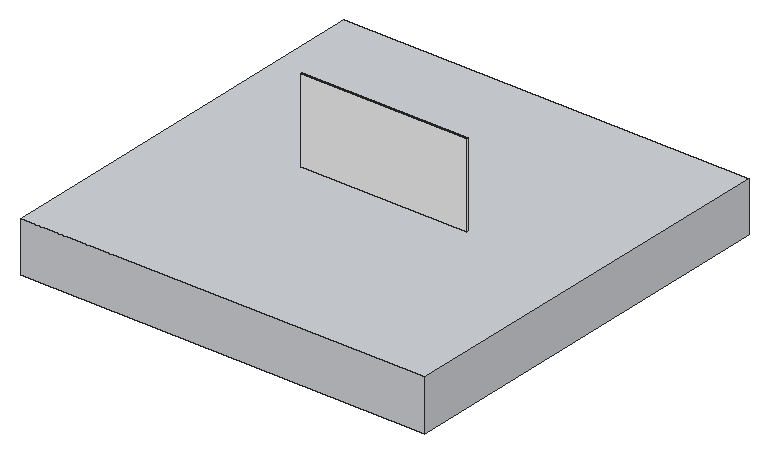
Revit family "M_Placa de gorjal-Retangular", category Conexões estruturais, Revit 2019
Family settings
  Hospedeiro = Face
  Material para o comportamento do modelo = Outros
  Número OmniClass = 23.20.40.11.21
  Título OmniClass = Mechanical Fasteners for Metal Structures
  ID de item do Seek = Gusset Plate-Rectangular-0000-CAN-ENU
  Ativar corte em vistas = Não
  Corte com vazios quando carregada = Não
  Compartilhado = Não
Parameters (values of type "Padrão")
  Espessura [instance] = 10 mm
  Material da placa = Metal - Aço 345 MPa
  Comprimento [instance] = 1000 mm
  Altura [instance] = 500 mm
  Elevação-padrão = 1200 mm
Reference planes
  plane 1 "Centro (Frente/Trás)": y = 0
  plane 2: z = 0
  plane 3 "Centro (Esquerda/Direita)": x = 0
  plane 4: z = 500
  plane 5: y = 5
  plane 6: y = -5
  plane 7: x = -500
  plane 8: x = 500
  plane 9: z = 500
  plane 10: x = -500
  plane 11: x = 500
Forms (mm)
  Extrusion 1, solid
    sketch origin (0, 0, 0) x (1, 0, 0) y (0, 1, 0)
      loop
        line (-1219.2, 1219.2) -> (-1219.2, -1219.2) -> (1219.309, -1219.2) -> (1219.309, 1219.2) -> (-1219.2, 1219.2)
    from 0 to -304.8
  Extrusion 2, solid, material "Metal - Aço 345 MPa" <- "Material da placa"
    sketch origin (0, 0, 0) x (1, 0, 0) y (0, 0, 1)
      loop
        line (-500, 500) -> (-500, 0) -> (500, 0) -> (500, 500) -> (-500, 500)
    from -5 to 5
Dimensions and locks
  "Altura": plane 4 to plane 2
  equal spacing: plane 6, plane 1 "Centro (Frente/Trás)", plane 5
  "Espessura": plane 6 to plane 5
  equal spacing: plane 7, plane 3 "Centro (Esquerda/Direita)", plane 8
  "Comprimento": plane 7 to plane 8
  aligned and locked: plane 2 to Extrusion 1
  aligned and locked: level to Extrusion 1
  aligned and locked: plane 4 to Extrusion 2 sketch curve
  aligned and locked: plane 7 to Extrusion 2 sketch curve
  aligned and locked: Extrusion 2 sketch curve to plane 2
  aligned and locked: plane 8 to Extrusion 2 sketch curve
  aligned and locked: plane 5 to Extrusion 2
  aligned and locked: plane 6 to Extrusion 2
  aligned and locked: plane 4 to plane 9
  aligned and locked: plane 10 to plane 7
  aligned and locked: plane 8 to plane 11
Automatic sketch dimensions
  Extrusion 1 sketch curve to Extrusion 1 sketch curve = 2438.509 mm
  Extrusion 1 sketch curve to Extrusion 1 sketch curve = 2438.4 mm
